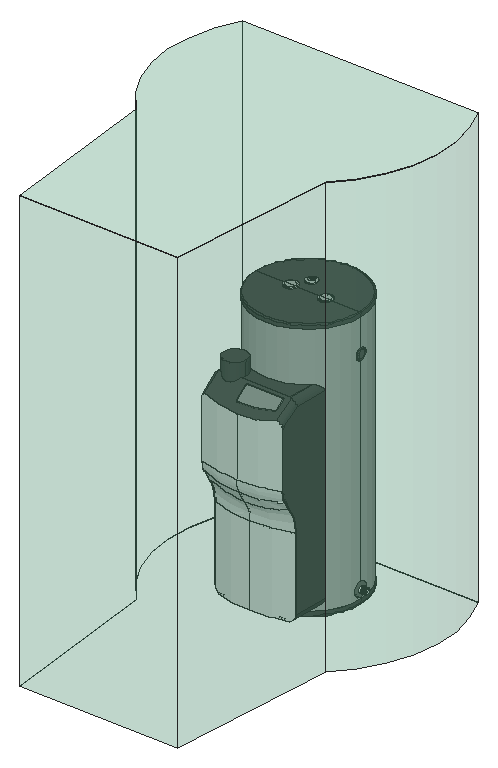
Revit family "Innovo FR_IR 20 200 FR NAT", category Mechanical Equipment, Revit 2015
Parameters (values of type "IR-20-200 FR NAT")
  largeur d'emballage = 786 mm  # constant formula
  l'Intervalle d'Entretien = "12 mois"  # constant formula
  Workspace Radius = Diameter + 170 mm  # 780 mm
  Workspace Height = Hauteur + 1000 mm  # 2545 mm
  Workspace Front Distance = 1000 mm
  Workspace [instance] = yes
  Valve Height 02 = if(and(Hauteur = 1745 mm, Diameter = 675 mm), 1518 mm, if(and(Hauteur = 1745 mm, Diameter = 610 mm), 1534 mm, if(Hauteur = 1545 mm, 1328 mm, 1070 mm)))  # 1328 mm
  Valve Height 01 = if(and(Diameter > 560 mm), 693 mm, 604 mm)  # 693 mm
  Valeur Maximale du Thermostat de Régulation = 85 °C  # constant formula
  Valeur Manimale du Thermostat de Régulation = 40 °C  # constant formula
  Valeur Défaut du Thermostat de Régulation = 65 °C  # constant formula
  URL = "www.aosmith.fr"
  Type d'Installation = "B23/C13/C33/C43/C53/C63"  # constant formula
  Type d'emballage = "Carton et bois"  # constant formula
  Tension d'Alimentation (-15%, +10%) = 230 V  # constant formula
  Température Maximale des Fumées = 65 °C
  Temps de réchauffement à ΔT = 70°C = "31"
  Temps de réchauffement à ΔT = 55°C = "24"
  Temps de réchauffement à ΔT = 50°C = "22"
  Temps de réchauffement à ΔT = 44°C = "20"
  Temps de réchauffement à ΔT = 28°C = "13"
  Spécifications du Produit = ""
  Réglages du thermostat du chauffe-eau = 65 °C  # constant formula
  Réglage Standard Pour = "G20/G25"
  Rendement Saisonnier (Hs) = [Rendement (Hs, acc. NEN-EN 89 - 1999)]  # 95
  Rendement (Hs, acc. NEN-EN 89 - 1999) = 95
  Rendement (Hi, acc. NEN-EN 89 - 1999) = 106
  Raccord Évacuation de la Condensation = 40 mm  # constant formula
  Raccord de la Soupape de Vidange = 1"
  Raccord de Sortie d'Eau Chaude = 1"
  Raccord de Gaz = 15"  # constant formula
  Raccord d'Alimentation en Eau Froide = 3/4"  # constant formula
  Raccord Robinet de Vidange = 3/4"  # constant formula
  Puissance Électrique Absorbée (sommet) = 105 W
  Puissance Électrique Absorbée (nominal) = 85 W
  Profondeur d'emballage = 946 mm  # constant formula
  Profondeur = 780 mm  # constant formula
  Profils de soutirage déclaré = "XXL"
  Production Nominale = "30700.0/29800.0"
  Pression de Fonctionnement Maximale = 800000.0 Pa  # constant formula
  Pression Différentielle d'Ouverture de l'Interrupteur de Pression < = 210.0 Pa
  Pression Amont de Gaz = "2000/2500 Pa"
  Precaustions during assembling, installation or maintenance = "voir Manuel d'installation, d'emploi er d'entretien"  # constant formula
  Poids à vide = 120 kg
  Poids de Transport = 136 kg
  Phase = 1
  Pertes en Veille - tous les jours (24h) = 0 W
  Pertes en Veille = 0 W
  Nombre de modèle du produit (EAN) = "8717449286279"
  Niveau du Son dB (A) = "<45"  # constant formula
  Niveau de puissance acoustique à l'intérieur = "58 dB"
  NOx-émissions mg/kWh = "37.0/27.0"
  NOx-émissions (ven air, 0% O2) ppm = "24.0/17.0"
  Modèdele = "IR-32-245"
  Model = "IR-32-325 FR NAT"
  Marque commerciale = "A.O. Smith"  # constant formula
  Manufacturer = "A.O. Smith Water Products Company b.v."  # constant formula
  Largeur = Diameter  # 610 mm
  La commande intelligente = no
  L'efficacité énergétique pour le chauffage de l'eau (2) = "-"
  L'efficacité énergétique pour le chauffage de l'eau (1) = "92%"
  Hauteur du Raccordement au Gaz = 920 mm
  Hauteur de la Sortie d'eau Chaude = 1545 mm
  Hauteur de l'Alimentation en eau Froide = 170 mm
  Hauteur d'emballage = 1695 mm
  Hauteur Conduit d'Évacuation des Fumées = 1345 mm
  Hauteur Conduit d'Alimentation en Air = 1345 mm
  Hauteur = 1545 mm
  Guide de Produit = ""
  Garantie sur la Cuve = "36 mois"  # constant formula
  Garantie Pièces = "12 mois"  # constant formula
  Fréquence secteur = 50 Hz  # constant formula
  Forctionner qu'en heures creuses = no
  Fabricant No. = "E 7110"  # constant formula
  Epaisseur d'Isolation = 44 mm
  Débit de vidage à ΔT = 70°C après 90 min. = 710.0 L
  Débit de vidage à ΔT = 70°C après 60 min. = 520.0 L
  Débit de vidage à ΔT = 70°C après 30 min. = 330.0 L
  Débit de vidage à ΔT = 70°C après 120 min. = 900.0 L
  Débit de vidage à ΔT = 55°C après 90 min. = 930.0 L
  Débit de vidage à ΔT = 55°C après 60 min. = 690.0 L
  Débit de vidage à ΔT = 55°C après 30 min. = 440.0 L
  Débit de vidage à ΔT = 55°C après 120 min. = 1200.0 L
  Débit de vidage à ΔT = 50°C après 90 min. = 1100.0 L
  Débit de vidage à ΔT = 50°C après 60 min. = 760.0 L
  Débit de vidage à ΔT = 50°C après 30 min. = 500.0 L
  Débit de vidage à ΔT = 50°C après 120 min. = 1300.0 L
  Débit de vidage à ΔT = 44°C après 90 min. = 1200.0 L
  Débit de vidage à ΔT = 44°C après 60 min. = 870.0 L
  Débit de vidage à ΔT = 44°C après 30 min. = 570.0 L
  Débit de vidage à ΔT = 44°C après 120 min. = 1500.0 L
  Débit de vidage à ΔT = 28°C après 90 min. = 1900.0 L
  Débit de vidage à ΔT = 28°C après 60 min. = 1400.0 L
  Débit de vidage à ΔT = 28°C après 30 min. = 930.0 L
  Débit de vidage à ΔT = 28°C après 120 min. = 2400.0 L
  Débit de vidage en Continu à ΔT = 70°C = 380.0 L/s
  Débit de vidage en Continu à ΔT = 55°C = 480.0 L/s
  Débit de vidage en Continu à ΔT = 50°C = 530.0 L/s
  Débit de vidage en Continu à ΔT = 44°C = 600.0 L/s
  Débit de vidage en Continu à ΔT = 28°C = 960.0 L/s
  Diamètre Cheminée - Système Parallèle = "2x80"  # constant formula
  Diamètre Cheminée - Système Concentrique = "80/125 mm/mm"  # constant formula
  Diamètre Cheminée - Boiler = "80/125 mm/mm"  # constant formula
  Diameter = 610 mm
  Destination / Country = "France"  # constant formula
  Description = "Préparateur ECS Solaire en Combinaison avec Réservoir de Stockage"  # constant formula
  D'autres profils de soutirage = "-"
  Created By = "http://www.cadcompany.nl/"
  Consommation de Gaz - Volume ltr/hr = "3.10/3.50"
  Consommation de Gaz - Masse kg/h = "a/p"
  Class d'efficacité énergétique (2) = "-"
  Class d'efficacité énergétique (1) = "A"  # constant formula
  Charge Nominale (Valeur Supérieure) = "32200.0/31200.0"
  Charge Nominale (Valeur Inférieure) = "29000.0/28100.0"
  Charge Maximale au Sol = 381 kg
  Catégorie de Gaz = "II2Esi3P"  # constant formula
  Capacité = 245.0 L
  CO2 Émissions (tol. +/- 1.0) vol% = "9.3/9.3"
  CE-PIN = "0063CQ3037"  # constant formula
  BIM Content Developer = "CAD & Company"  # constant formula
  Assembly Code = "D3010"
  Annual fuel consumption (2) = "-"
  Annual fuel consumption (1) = "21 GJ GCV"
  Annual electricity consumption (2) = "-"
  Annual electricity consumption (1) = "44 kWh"
  2ème Entretien (Entretien Général) = "12 mois après l'installation"  # constant formula
  1er Entretien (check-up) = "3 mois après l'installation"  # constant formula
Reference planes
  plane 1 "Center (Front/Back)": y = 0
  plane 2: z = 0
  plane 3 "Center (Left/Right)": x = 0
  plane 4 "Pipe": through (-383.901, 912.349, 194.799) normal (-0.0879, -0.0879, 0.9923)
  plane 5 "footing": y = 118.925
  plane 6 "footing front": y = -237.85
  plane 7: x = -305
  plane 8: x = 305
  plane 9: z = 1545
Forms (mm)
  Revolve 1, solid, material "RAL 9005", detail levels medium+fine
    sketch origin (0, -237.85, 0) x (-1, 0, 0) y (0, 0, 1)
      loop
        line (0, 28.9) -> (-15, 28.9) -> (-15, 26.4) -> (-8.671, 26.4) -> (-8.671, 18) -> (-5.686, 18) -> (-6.626, 17.06) -> (-6.626, 12.06) -> (-8.671, 12.06) -> (-8.671, 10) -> (-10.031, 10) -> (-23.271, 5.181)
        arc (-23.271, 5.181) -> (-23.763, 4.836) -> (-24.017, 4.293) r 1.159
        line (-24.017, 4.293) -> (-24.017, 1.03)
        arc (-24.017, 1.03) -> (-23.715, 0.302) -> (-22.986, 0) r 1.03
        line (-22.986, 0) -> (0, 0) -> (0, 28.9)
      axis (0, 28.9) -> (0, 0)
    angle from 0 to 360
  Revolve 2, solid, material "RAL 9005", detail levels medium+fine
    sketch origin (0, 118.925, 0) x (-1, 0, 0) y (0, 0, 1)
      loop
        line (-205.984, 28.9) -> (-220.984, 28.9) -> (-220.984, 26.4) -> (-214.655, 26.4) -> (-214.655, 18) -> (-211.67, 18) -> (-212.61, 17.06) -> (-212.61, 12.06) -> (-214.655, 12.06) -> (-214.655, 10) -> (-216.015, 10) -> (-229.256, 5.181)
        arc (-229.256, 5.181) -> (-229.747, 4.836) -> (-230.001, 4.293) r 1.159
        line (-230.001, 4.293) -> (-230.001, 1.03)
        arc (-230.001, 1.03) -> (-229.699, 0.302) -> (-228.971, 0) r 1.03
        line (-228.971, 0) -> (-205.984, 0) -> (-205.984, 28.9)
      axis (-205.984, 28.9) -> (-205.984, 0)
    angle from 0 to 360
  Revolve 3, solid, material "RAL 9005", detail levels medium+fine
    sketch origin (0, 118.925, 0) x (-1, 0, 0) y (0, 0, 1)
      loop
        line (204.016, 28.9) -> (189.016, 28.9) -> (189.016, 26.4) -> (195.345, 26.4) -> (195.345, 18) -> (198.33, 18) -> (197.39, 17.06) -> (197.39, 12.06) -> (195.345, 12.06) -> (195.345, 10) -> (193.985, 10) -> (180.744, 5.181)
        arc (180.744, 5.181) -> (180.253, 4.836) -> (179.999, 4.293) r 1.159
        line (179.999, 4.293) -> (179.999, 1.03)
        arc (179.999, 1.03) -> (180.301, 0.302) -> (181.029, 0) r 1.03
        line (181.029, 0) -> (204.016, 0) -> (204.016, 28.9)
      axis (204.016, 28.9) -> (204.016, 0)
    angle from 0 to 360
Lines and regions (mm)
  symbolic lines
    curve 1: line (0, 280.06, 0) -> (0, -280.06, 0)
    curve 2: line (-280.06, 0, 0) -> (280.06, 0, 0)
  symbolic lines, style "Workspace"
    curve 3: line (681.142, 380.06, 0) -> (-681.142, 380.06, 0)
    curve 4: arc (-681.142, 380.06, 0) -> (-777.325, -64.546, 0) -> (-609.127, -487.2, 0) r 780
    curve 5: line (-609.127, -487.2, 0) -> (-421.783, -1517.825, 0)
    curve 6: line (-421.783, -1517.825, 0) -> (424.03, -1517.825, 0)
    curve 7: line (424.03, -1517.825, 0) -> (611.027, -484.816, 0)
    curve 8: arc (611.027, -484.816, 0) -> (777.449, -63.027, 0) -> (681.142, 380.06, 0) r 780
Dimensions and locks
  plane 5 "footing" to plane 1 "Center (Front/Back)" = 118.925 mm
  plane 1 "Center (Front/Back)" to plane 6 "footing front" = 237.85 mm
  "Diameter": plane 7 to plane 8
  equal spacing: plane 7, plane 3 "Center (Left/Right)", plane 8
  "Hauteur": plane 9 to plane 2
  "Workspace Front Distance": curve 6 to nested 3
  "Workspace Radius": radius of curve 4
  "Workspace Radius": radius of curve 8
  aligned and locked: level to plane 2
  aligned and locked: nested 3 to Revolve 1 sketch curve
  aligned and locked: plane 3 "Center (Left/Right)" to Revolve 1 sketch curve
  aligned and locked: nested 3 to plane 1 "Center (Front/Back)"
  aligned and locked: plane 3 "Center (Left/Right)" to nested 3
  aligned and locked: nested 1 to plane 8
  aligned and locked: nested 5 to plane 8
  aligned and locked: nested 2 to plane 7
  aligned and locked: nested 4 to plane 7
  aligned and locked: nested 7 to plane 7
  aligned and locked: nested 8 to plane 3 "Center (Left/Right)"
  aligned and locked: nested 8 to nested 3
  aligned and locked: curve 3 to nested 8
Automatic sketch dimensions
  Revolve 1 sketch curve to level = 0 mm
  plane 3 "Center (Left/Right)" to Revolve 1 sketch curve = 5.686 mm
  Revolve 1 sketch curve to Revolve 1 sketch curve = 0.94 mm  (x2)
  Revolve 1 sketch curve to Revolve 1 sketch curve = 2.046 mm  (x2)
  Revolve 1 sketch curve to Revolve 1 sketch curve = 1.359 mm
  Revolve 1 sketch curve to Revolve 1 sketch curve = 6.329 mm
  level to Revolve 1 sketch curve = 4.091 mm
  Revolve 1 sketch curve to Revolve 1 sketch curve = 12.844 mm
  level to Revolve 1 sketch curve = 1.03 mm
  Revolve 1 sketch curve to Revolve 1 sketch curve = 0.111 mm
  level to Revolve 1 sketch curve = 5.181 mm
  Revolve 1 sketch curve to Revolve 1 sketch curve = 0.745 mm
  level to Revolve 1 sketch curve = 10 mm
  Revolve 1 sketch curve to Revolve 1 sketch curve = 2.06 mm
  Revolve 1 sketch curve to Revolve 1 sketch curve = 5 mm
  Revolve 1 sketch curve to Revolve 1 sketch curve = 8.4 mm
  Revolve 1 sketch curve to Revolve 1 sketch curve = 2.5 mm
  Revolve 1 sketch curve to level = 19.635 mm
  Revolve 1 sketch curve to Revolve 1 sketch curve = 46.465 mm
  Revolve 2 sketch curve to level = 0 mm
  level to Revolve 2 sketch curve = 1.03 mm
  Revolve 2 sketch curve to plane 8 = 74.999 mm
  level to Revolve 2 sketch curve = 5.181 mm
  Revolve 2 sketch curve to Revolve 2 sketch curve = 0.745 mm
  Revolve 2 sketch curve to Revolve 2 sketch curve = 0.397 mm
  Revolve 2 sketch curve to Revolve 2 sketch curve = 8.271 mm
  Revolve 2 sketch curve to Revolve 2 sketch curve = 13.241 mm
  Revolve 2 sketch curve to Revolve 2 sketch curve = 1.359 mm
  Revolve 2 sketch curve to Revolve 2 sketch curve = 6.329 mm
  Revolve 2 sketch curve to Revolve 2 sketch curve = 2.046 mm
  level to Revolve 2 sketch curve = 18 mm
  Revolve 2 sketch curve to Revolve 2 sketch curve = 0.94 mm  (x2)
  Revolve 2 sketch curve to Revolve 2 sketch curve = 8.671 mm
  Revolve 2 sketch curve to Revolve 2 sketch curve = 1.089 mm
  Revolve 2 sketch curve to Revolve 2 sketch curve = 8 mm
  Revolve 2 sketch curve to Revolve 2 sketch curve = 2.06 mm
  Revolve 2 sketch curve to Revolve 2 sketch curve = 8.4 mm
  Revolve 2 sketch curve to Revolve 2 sketch curve = 2.5 mm
  Revolve 2 sketch curve to Revolve 2 sketch curve = 0 mm
  Revolve 2 sketch curve to level = 19.635 mm
  Revolve 2 sketch curve to Revolve 2 sketch curve = 46.465 mm
  Revolve 3 sketch curve to level = 0 mm
  level to Revolve 3 sketch curve = 1.03 mm
  Revolve 3 sketch curve to plane 7 = 125.001 mm
  level to Revolve 3 sketch curve = 5.181 mm
  Revolve 3 sketch curve to Revolve 3 sketch curve = 0.745 mm
  Revolve 3 sketch curve to Revolve 3 sketch curve = 0.397 mm
  Revolve 3 sketch curve to Revolve 3 sketch curve = 8.271 mm
  Revolve 3 sketch curve to Revolve 3 sketch curve = 13.241 mm
  Revolve 3 sketch curve to Revolve 3 sketch curve = 1.359 mm
  Revolve 3 sketch curve to Revolve 3 sketch curve = 6.329 mm
  Revolve 3 sketch curve to Revolve 3 sketch curve = 2.046 mm
  level to Revolve 3 sketch curve = 18 mm
  Revolve 3 sketch curve to Revolve 3 sketch curve = 0.94 mm  (x2)
  Revolve 3 sketch curve to Revolve 3 sketch curve = 8.671 mm
  Revolve 3 sketch curve to Revolve 3 sketch curve = 1.089 mm
  Revolve 3 sketch curve to Revolve 3 sketch curve = 8 mm
  Revolve 3 sketch curve to Revolve 3 sketch curve = 2.06 mm
  Revolve 3 sketch curve to Revolve 3 sketch curve = 8.4 mm
  Revolve 3 sketch curve to Revolve 3 sketch curve = 2.5 mm
  Revolve 3 sketch curve to Revolve 3 sketch curve = 0 mm
  Revolve 3 sketch curve to level = 19.635 mm
  Revolve 3 sketch curve to Revolve 3 sketch curve = 46.465 mm
  curve 4 to curve 8 = 0 mm  (x2)
  plane 1 "Center (Front/Back)" to curve 2 = 0 mm
  curve 1 to plane 3 "Center (Left/Right)" = 0 mm
  plane 1 "Center (Front/Back)" to curve 4 = 0 mm
  curve 4 to plane 3 "Center (Left/Right)" = 0 mm
  curve 5 to plane 6 "footing front" = 249.35 mm
  plane 7 to curve 5 = 116.783 mm
  plane 8 to curve 7 = 119.03 mm
  curve 7 to plane 6 "footing front" = 246.966 mm
  curve 2 to plane 7 = 24.94 mm
  curve 2 to plane 8 = 24.94 mm
  curve 1 to plane 6 "footing front" = 42.21 mm
  plane 5 "footing" to curve 1 = 161.135 mm
Nested families
  nested 1: "Valve" at (305, -0.38, 1328) x (0, 1, 0) z (0, 0, 1), built-in parameter 1001364 <- "Valve Height 02", type "Valve"
  nested 2: "Drain Valve" at (-305, 0, 1328), built-in parameter 1001364 <- "Valve Height 02", type "Drain Valve"
  nested 3: "Housing Mother Housing S 57 (external)" at (0, -299.886, 0), type "Housing Mother_Housing S_57"
    with radius 305 mm, distance to boiler center 154 mm, diameter 610 mm
  nested 4: "Drain Valve" at (-305, 0, 177), type "Drain Valve"
  nested 5: "Drain Valve" at (305, 0, 107) x (-1, 0, 0) z (0, 0, 1), type "Drain Valve"
  nested 6: "Boiler" at (0, 0, 0), height <- "Hauteur", type "Boiler"
    with height 1545 mm, radius 305 mm, Diameter 610 mm
  nested 7: "Drain Valve" at (-305, 0, 693), built-in parameter 1001364 <- "Valve Height 01", type "Drain Valve"
  nested 8: "Innovo_workspace" at (0, 0, 0), Workspace Distance Front <- "Workspace Front Distance", Workspace <- "Workspace", Workspace Height <- "Workspace Height", Workspace Radius <- "Workspace Radius", type "Workspace"
    with Workspace Radius 780 mm, Workspace Height 2545 mm, Workspace Distance Front 1000 mm, Workspace yes, Center to Front 517.825 mm
Connectors
  piping at (339.826, 0, 107), diameter 19.05, driven by "Raccord Robinet de Vidange"
    settings: on nested 5, index 1, connector inside diameter 24", connector length 0 mm, flow factor 0, pipe flow 0.0 L/s, pressure drop 0.0 Pa, fitting loss kfactor 0, connector angle 0.00°, fixture units 0, engagement length 0 mm, angle of deflection 0.00°, flow configuration 0, flow direction 0, fitting loss method 0, system type 19, joint type 0, gender type 0, connector reference index -1, connector utility 0, adjustable connector no, is connector primary yes, connector description ""
  hvac at (-147.013, -346.326, 1310.674)
    settings: on nested 3, index 2, duct flow 0.0 L/s, flow factor 0, pres drop 0.0 Pa, loss coef 0, conn angle 0.00°, conn width 304.8 mm, conn height 304.8 mm, conn diameter 125 mm, duct sys type 4, conn prof type 0, flow config 0, flow direction 0, loss method 0, conn ref index -1, conn util no, is conn primary yes, conn desc ""
Definition of nested family "Valve"
  Parameters (values of type "Valve")
    Type Comments = "T&P valve (internal)"
    Manufacturer = "A.O. Smith"
  Reference planes
    plane 1 "Center (Front/Back)": y = 0
    plane 2: z = 0
    plane 3 "Center (Left/Right)": x = 0
  Forms (mm)
    Extrusion 1, solid, detail levels fine
      sketch origin (0, 0, 0) x (1, 0, 0) y (0, 0, 1)
        loop
          circle (0, 0) r 31.5
      from -2.271 to 1.4
    Sweep 2, solid, detail levels fine
      path origin (0, -1.4, 0) x (1, 0, 0) y (0, 0, 1)
        loop
          circle (0, 0) r 31.5
      profile origin (0, -1.4, 31.5) x (0, 0, -1) y (0, -1, 0)
        loop
          line (7.3, 0) -> (7.3, 3) -> (0, 0) -> (7.3, 0)
  Dimensions and locks
    aligned and locked: level to plane 2
Definition of nested family "Drain Valve"
  Reference planes
    plane 1 "Center (Front/Back)": y = 0
    plane 2: z = 0
    plane 3 "Center (Left/Right)": x = 0
  Forms (mm)
    Revolve 1, solid, detail levels medium+fine
      sketch origin (0, 0, 0) x (1, 0, 0) y (0, 0, 1)
        loop
          line (-33.442, 15.696) -> (-34.826, 14.329) -> (-34.93, 12.731) -> (-16.555, 12.731) -> (-16.555, 0) -> (15.787, 0) -> (15.787, 18.3) -> (-14.4, 18.3) -> (-17.148, 15.533) -> (-18.729, 16.697) -> (-20.091, 15.333) -> (-21.672, 16.496) -> (-23.034, 15.133) -> (-24.614, 16.296) -> (-25.976, 14.932) -> (-27.557, 16.096) -> (-28.919, 14.732) -> (-30.5, 15.896) -> (-31.862, 14.532) -> (-33.442, 15.696)
        axis (-34.93, 0) -> (15.787, 0)
      angle from 0 to 360
  Dimensions and locks
    aligned and locked: level to plane 2
  Nested families
    nested 1: "Rubber sealing" at (2.592, -0.155, 0) x (0.0023, -1, 0) z (0, 0, 1), type "Rubber sealing", detail levels fine
  Definition of nested family "Rubber sealing"
    Reference planes
      plane 1 "Center (Front/Back)": y = 0
      plane 2: z = 0
      plane 3 "Center (Left/Right)": x = 0
    Forms (mm)
      Extrusion 1, solid, detail levels fine
        sketch origin (141.861, 319.581, 0) x (1, 0, 0) y (0, 1, 0)
          loop
            line (-216.354, -311.898) -> (-216.354, -313.94)
            arc (-216.354, -313.94) -> (-141.602, -321.581) -> (-66.861, -313.835) r 366.966
            line (-66.861, -313.835) -> (-66.861, -311.791)
            arc (-66.861, -311.791) -> (-141.602, -319.581) -> (-216.354, -311.898) r 364.966
        from -80 to 80
      Extrusion 2, void
        sketch origin (141.861, 319.581, 0) x (1, 0, 0) y (0, 0, 1)
          loop
            circle (-141.861, 0) r 13
          loop
            circle (-141.861, 0) r 110
          loop
            circle (-141.861, 0) r 40
        from 311.563 to 332.684
      Extrusion 3, void
        sketch origin (141.861, 319.581, 0) x (1, 0, 0) y (0, 0, 1)
          loop
            circle (-141.861, 0) r 18.25
        from 315.524 to 326.084
    Cuts and joins
      Extrusion 2, Extrusion 3 cuts Extrusion 1
    Dimensions and locks
      aligned and locked: level to plane 2
Definition of nested family "Housing Mother Housing S 57 (external)"
  Parameters (values of type "Housing Mother_Housing S_57")
    radius [instance] = 280 mm
    distance to boiler center = if(diameter = 675 mm, 189 mm, if(diameter = 610 mm, 154 mm, 129 mm))  # 129 mm
    diameter = 560 mm
  Reference planes
    plane 1 "Center (Front/Back)": y = 0
    plane 2: z = 0
    plane 3 "Center (Left/Right)": x = 0
    plane 4 "left": through (-245.286, 145.886, 1200) normal (0.9994, 0.0349, 0)
    plane 5: y = -217.939
    plane 6: y = 145.886
    plane 7: z = 1232.6
    plane 8: z = 65.89
    plane 9 "right": through (245.286, 145.886, 1200) normal (0.9994, -0.0349, 0)
    plane 10 "display": through (0, -90.37, 1221.196) normal (0, -0.5736, 0.8192)
    plane 11 "Potentiostat": z = 867.899
    plane 12 "boiler center": y = 274.886
    plane 13: x = -280
    plane 14: x = 280
  Forms (mm)
    Extrusion 1, solid
      sketch origin (0, 0, 0) x (1, 0, 0) y (0, 1, 0)
        loop
          line (-245.286, 145.886) -> (-232.581, -217.939) -> (232.581, -217.939) -> (245.286, 145.886)
          arc (245.286, 145.886) -> (0, 0.923) -> (-245.286, 145.886) r 280
      from 0 to 1232.6
    Sweep 2, void
      path origin (0, 0, 0) x (0, 1, 0) y (0, 0, 1)
        loop
          line (-217.939, 1232.6) -> (-217.939, 795.555)
          arc (-217.939, 795.555) -> (-212.387, 754.285) -> (-197.694, 715.322) r 183.924
          arc (-197.694, 715.322) -> (-179.915, 684.628) -> (-159.106, 655.901) r 348.284
          arc (-159.106, 655.901) -> (-131.411, 600.328) -> (-121.88, 538.973) r 202.254
          line (-121.88, 538.973) -> (-121.88, 61.106)
      profile origin (0, -217.939, 1014.077) x (1, 0, 0) y (0, 1, 0)
        loop
          arc (0, 0) -> (-117.533, 9.941) -> (-231.728, 39.475) r 699.984
          arc (-231.728, 39.475) -> (-233.391, 40.705) -> (-234.07, 42.659) r 3.505
          line (-234.07, 42.659) -> (-254.062, 42.659) -> (-254.062, -142.593) -> (254.07, -142.593) -> (254.07, 42.659) -> (234.07, 42.659)
          arc (234.07, 42.659) -> (233.391, 40.705) -> (231.728, 39.475) r 3.505
          arc (231.728, 39.475) -> (117.533, 9.941) -> (0, 0) r 699.984
    Extrusion 3, void
      sketch origin (0, 0, 0) x (0, 1, 0) y (0, 0, 1)
        loop
          arc (102.864, 70.869) -> (99.804, 70.709) -> (96.874, 69.813) r 12.57
          arc (96.874, 69.813) -> (87.878, 66.533) -> (78.516, 64.529) r 69.114
          arc (78.516, 64.529) -> (76.41, 64.284) -> (74.294, 64.148) r 41.206
          arc (74.294, 64.148) -> (65.203, 64.335) -> (56.122, 64.782) r 318.661
          arc (56.122, 64.782) -> (30.585, 66.179) -> (5.028, 67.128) r 1456.581
          line (5.028, 67.128) -> (-84.534, 73.135)
          arc (-84.534, 73.135) -> (-86.363, 73.808) -> (-87.536, 75.365) r 3.455
          line (-87.536, 75.365) -> (-264.473, 75.365) -> (-264.473, 0) -> (160.886, 0) -> (160.886, 103.945) -> (145.886, 103.945)
          arc (145.886, 103.945) -> (145.104, 97.827) -> (142.923, 92.059) r 26.364
          arc (142.923, 92.059) -> (141.067, 88.936) -> (138.867, 86.045) r 31.715
          arc (138.867, 86.045) -> (135.576, 82.49) -> (132.021, 79.2) r 62.615
          arc (132.021, 79.2) -> (125.841, 74.697) -> (119.091, 71.103) r 54.444
          arc (119.091, 71.103) -> (116.371, 70.272) -> (113.531, 70.123) r 11.669
          line (113.531, 70.123) -> (102.864, 70.869)
      from -254.062 to 254.07
    Sweep 4, void
      path origin (0, 0, 0) x (1, 0, 0) y (0, 1, 0)
        loop
          line (-245.286, 145.886) -> (-232.581, -217.939)
      profile origin (-238.933, -36.027, 0) x (0.999391, 0.034899, 0) y (0, 0, 1)
        loop
          line (-4.454, 0) -> (47.084, 0) -> (47.084, 73.431)
          arc (47.084, 73.431) -> (14.222, 85.134) -> (0.255, 117.1) r 43.922
          line (0.255, 117.1) -> (-4.454, 117.1) -> (-4.454, 0)
    Sweep 5, void
      path origin (0, 0, 0) x (-1, 0, 0) y (0, 1, 0)
        loop
          line (-245.286, 145.886) -> (-232.581, -217.939)
      profile origin (238.933, -36.027, 0) x (0.999391, -0.034899, 0) y (0, 0, 1)
        loop
          line (4.454, 0) -> (4.454, 117.1) -> (-0.255, 117.1)
          arc (-0.255, 117.1) -> (-14.222, 85.134) -> (-47.084, 73.431) r 43.922
          line (-47.084, 73.431) -> (-47.084, 0) -> (4.454, 0)
    Sweep 6, void
      path origin (-239.899, -8.377, 0) x (-0.034899, 0.999391, 0) y (0, 0, 1)
        loop
          line (-209.69, 1141.272) -> (-79.18, 1232.6) -> (154.358, 1232.6)
      profile origin (-241.211, 29.188, 1232.6) x (0, 0, 1) y (0.999391, 0.034899, 0)
        loop
          line (-45, -30) -> (75, -30) -> (75, 0) -> (75, 55) -> (2.799, 55) -> (-1.253, 35.128)
          arc (-1.253, 35.128) -> (-16.771, 9.564) -> (-45, -0.308) r 44.287
          line (-45, -0.308) -> (-45, -30)
    Sweep 7, void
      path origin (239.899, -8.377, 0) x (0.034899, 0.999391, 0) y (0, 0, 1)
        loop
          line (-209.69, 1141.272) -> (-79.18, 1232.6) -> (154.358, 1232.6)
      profile origin (241.211, 29.188, 1232.6) x (0, 0, -1) y (-0.999391, 0.034899, 0)
        loop
          line (-75, -25) -> (45, -25) -> (45, -0.308)
          arc (45, -0.308) -> (16.771, 9.564) -> (1.253, 35.128) r 44.287
          line (1.253, 35.128) -> (-2.799, 55) -> (-75, 55) -> (-75, -25)
    Extrusion 8, void
      sketch origin (0, 0, 0) x (0, 1, 0) y (0, 0, 1)
        loop
          line (-270, 1336.099) -> (-270, 1099.081) -> (68.497, 1336.099) -> (-270, 1336.099)
      from -425.038 to 444.42
    Extrusion 9, solid, detail levels medium+fine
      sketch origin (0, 0, 0) x (1, 0, 0) y (0, 1, 0)
        loop
          circle (-147.013, -46.44) r 65
      from 1163.174 to 1310.674
    Extrusion 10, void
      sketch origin (0, -603.506, 861.895) x (0, 0.819152, 0.573576) y (-1, 0, 0)
        loop
          arc (618.322, -173) -> (623.272, -170.95) -> (625.322, -166) r 7
          line (625.322, -166) -> (625.322, 35)
          arc (625.322, 35) -> (623.272, 39.95) -> (618.322, 42) r 7
          line (618.322, 42) -> (535.473, 42)
          arc (535.473, 42) -> (530.688, 40.11) -> (528.488, 35.46) r 7
          arc (528.488, 35.46) -> (531.569, -67.592) -> (554.18, -168.18) r 540
          arc (554.18, -168.18) -> (556.724, -171.668) -> (560.831, -173) r 7
          line (560.831, -173) -> (618.322, -173)
      from 0 to 137.286
    Sweep 11, solid, detail levels fine
      path origin (0, 0, 867.899) x (-1, 0, 0) y (0, -1, 0)
        loop
          line (309.749, -35.617) -> (204.371, -35.617)
          arc (204.371, -35.617) -> (196.509, -34.687) -> (189.082, -31.947) r 33.677
          line (189.082, -31.947) -> (-9.574, 69.274)
      profile origin (-257.06, 35.617, 867.899) x (0, 1, 0) y (0, 0, 1)
        loop
          circle (0, 0) r 7.316
        loop
          circle (0, 0) r 6.465
    Revolve 12, void
      sketch origin (0, 274.886, 0) x (-1, 0, 0) y (0, 0, 1)
        loop
          line (280, 1243.838) -> (0, 1243.838) -> (0, 54.9) -> (280, 54.9) -> (280, 1243.838)
        axis (0, 1243.838) -> (0, 54.9)
      angle from 0 to 360
  Cuts and joins
    Sweep 2, Extrusion 3, Sweep 4, Sweep 5, Sweep 6, Sweep 7, Extrusion 8, Extrusion 10, Revolve 12 cuts Extrusion 1
  Dimensions and locks
    plane 8 to plane 2 = 65.89 mm
    plane 7 to plane 8 = 1166.71 mm
    "distance to boiler center": plane 12 "boiler center" to plane 6
    "diameter": plane 14 to plane 13
    equal spacing: plane 14, plane 3 "Center (Left/Right)", plane 13
    "radius": plane 3 "Center (Left/Right)" to plane 13
    aligned and locked: level to plane 2
    aligned and locked: Extrusion 1 to plane 7
    aligned and locked: Extrusion 1 sketch curve to plane 5
    aligned and locked: Sweep 2 to Extrusion 3
    aligned and locked: Extrusion 3 to Sweep 2  (x2)
    aligned and locked: plane 7 to Sweep 2 sketch curve
    aligned and locked: plane 3 "Center (Left/Right)" to Revolve 12 sketch curve
    aligned and locked: Revolve 12 sketch curve to plane 3 "Center (Left/Right)"
    aligned and locked: plane 13 to Revolve 12 sketch curve
  Automatic sketch dimensions
    Extrusion 1 sketch curve to plane 4 "left" = 0 mm  (x2)
    Extrusion 1 sketch curve to plane 6 = 0 mm  (x2)
    Extrusion 1 sketch curve to plane 3 "Center (Left/Right)" = 0 mm
    Extrusion 1 sketch curve to plane 9 "right" = 0 mm
    plane 6 to Extrusion 1 sketch curve = 135.037 mm
    Sweep 2 sketch curve to plane 5 = 0 mm
    plane 5 to Sweep 2 sketch curve = 106.195 mm
    Sweep 2 sketch curve to plane 5 = 96.059 mm
    plane 1 "Center (Front/Back)" to Sweep 2 sketch curve = 34.053 mm
    plane 11 "Potentiostat" to Sweep 2 sketch curve = 6.417 mm
    Sweep 2 sketch curve to plane 6 = 33.705 mm
    Sweep 2 sketch curve to plane 11 "Potentiostat" = 68.615 mm
    Sweep 2 sketch curve to plane 11 "Potentiostat" = 72.345 mm
    Sweep 2 sketch curve to Sweep 2 sketch curve = 176.349 mm
    Sweep 2 sketch curve to Sweep 2 sketch curve = 0 mm  (x2)
    plane 8 to Sweep 2 sketch curve = 4.784 mm
    Extrusion 3 sketch curve to level = 0 mm
    Extrusion 3 sketch curve to plane 6 = 0 mm
    Extrusion 3 sketch curve to plane 6 = 26.363 mm
    Extrusion 3 sketch curve to Extrusion 3 sketch curve = 4.75 mm
    Extrusion 3 sketch curve to Extrusion 3 sketch curve = 5.179 mm
    Extrusion 3 sketch curve to plane 8 = 4.232 mm
    Extrusion 3 sketch curve to Extrusion 3 sketch curve = 0.814 mm
    Extrusion 3 sketch curve to plane 8 = 4.978 mm
    Extrusion 3 sketch curve to Extrusion 3 sketch curve = 10.667 mm
    Extrusion 3 sketch curve to Extrusion 3 sketch curve = 0.877 mm
    Extrusion 3 sketch curve to Extrusion 3 sketch curve = 17.827 mm
    Extrusion 3 sketch curve to Extrusion 3 sketch curve = 5.646 mm
    Extrusion 3 sketch curve to plane 6 = 69.562 mm
    Extrusion 3 sketch curve to Extrusion 3 sketch curve = 18.6 mm
    Extrusion 3 sketch curve to Extrusion 3 sketch curve = 22.538 mm
    Extrusion 3 sketch curve to plane 8 = 1.238 mm
    Extrusion 3 sketch curve to plane 1 "Center (Front/Back)" = 5.028 mm
    plane 1 "Center (Front/Back)" to Extrusion 3 sketch curve = 36.224 mm
    Extrusion 3 sketch curve to plane 8 = 10.692 mm
    plane 1 "Center (Front/Back)" to Extrusion 3 sketch curve = 84.302 mm
    Extrusion 3 sketch curve to plane 8 = 7.244 mm
    Extrusion 3 sketch curve to Extrusion 3 sketch curve = 0.231 mm
    Extrusion 3 sketch curve to Extrusion 3 sketch curve = 3.234 mm
    plane 5 to Extrusion 3 sketch curve = 46.534 mm
    plane 6 to Extrusion 3 sketch curve = 15 mm
    Extrusion 3 sketch curve to level = 1388.869 mm
    plane 8 to Extrusion 3 sketch curve = 7.561 mm
    Extrusion 3 sketch curve to Extrusion 3 sketch curve = 11.64 mm
    Extrusion 3 sketch curve to plane 8 = 38.054 mm
    Extrusion 3 sketch curve to Extrusion 3 sketch curve = 22.442 mm
    Extrusion 3 sketch curve to plane 8 = 39.432 mm
    Extrusion 3 sketch curve to Extrusion 3 sketch curve = 2.466 mm
    Extrusion 3 sketch curve to Extrusion 3 sketch curve = 14.17 mm
    Extrusion 3 sketch curve to Extrusion 3 sketch curve = 5.925 mm
    Extrusion 3 sketch curve to Extrusion 3 sketch curve = 6.186 mm
    Extrusion 3 sketch curve to Extrusion 3 sketch curve = 249.85 mm
    Extrusion 3 sketch curve to Extrusion 3 sketch curve = 0 mm  (x4)
    Extrusion 3 sketch curve to Extrusion 3 sketch curve = 6.845 mm
    plane 8 to Extrusion 3 sketch curve = 1.743 mm
    Sweep 4 sketch curve to plane 4 "left" = 0 mm  (x2)
    Sweep 4 sketch curve to plane 6 = 0 mm
    plane 5 to Sweep 4 sketch curve = 0 mm
    Sweep 4 sketch curve to level = 0 mm
    profile plane to Sweep 4 sketch curve = 4.454 mm
    Sweep 4 sketch curve to profile plane = 0.255 mm
    Sweep 4 sketch curve to Sweep 4 sketch curve = 43.922 mm
    Sweep 4 sketch curve to profile plane = 47.084 mm
    level to Sweep 4 sketch curve = 73.431 mm
    Sweep 4 sketch curve to Sweep 4 sketch curve = 43.669 mm
    Sweep 5 sketch curve to plane 6 = 0 mm
    Sweep 5 sketch curve to plane 9 "right" = 0 mm  (x2)
    plane 5 to Sweep 5 sketch curve = 0 mm
    Sweep 5 sketch curve to level = 0 mm
    profile plane to Sweep 5 sketch curve = 47.084 mm
    Sweep 5 sketch curve to Sweep 5 sketch curve = 2.907 mm
    profile plane to Sweep 5 sketch curve = 0.255 mm
    Sweep 5 sketch curve to profile plane = 4.454 mm
    level to Sweep 5 sketch curve = 73.431 mm
    Sweep 5 sketch curve to Sweep 5 sketch curve = 43.669 mm
    Sweep 6 sketch curve to plane 7 = 0 mm
    plane 7 to Sweep 6 sketch curve = 91.328 mm
    Sweep 6 sketch curve to Sweep 6 sketch curve = 130.509 mm
    Sweep 6 sketch curve to Sweep 6 sketch curve = 233.538 mm
    Sweep 6 sketch curve to plane 4 "left" = 0 mm
    profile plane to Sweep 6 sketch curve = 45 mm
    Sweep 6 sketch curve to Sweep 6 sketch curve = 0.354 mm
    profile plane to Sweep 6 sketch curve = 1.253 mm
    Sweep 6 sketch curve to profile plane = 2.799 mm
    Sweep 6 sketch curve to Sweep 6 sketch curve = 72.201 mm
    Sweep 6 sketch curve to plane 4 "left" = 0.308 mm
    Sweep 6 sketch curve to Sweep 6 sketch curve = 29.692 mm
    plane 4 "left" to Sweep 6 sketch curve = 35.128 mm
    plane 4 "left" to Sweep 6 sketch curve = 55 mm
    Sweep 7 sketch curve to plane 7 = 0 mm
    Sweep 7 sketch curve to plane 7 = 91.328 mm
    Sweep 7 sketch curve to Sweep 7 sketch curve = 130.509 mm
    Sweep 7 sketch curve to Sweep 7 sketch curve = 233.538 mm
    Sweep 7 sketch curve to plane 9 "right" = 25 mm
    profile plane to Sweep 7 sketch curve = 75 mm
    profile plane to Sweep 7 sketch curve = 2.799 mm
    Sweep 7 sketch curve to profile plane = 1.253 mm
    Sweep 7 sketch curve to Sweep 7 sketch curve = 43.393 mm
    Sweep 7 sketch curve to profile plane = 45 mm
    Sweep 7 sketch curve to plane 9 "right" = 0.308 mm
    plane 9 "right" to Sweep 7 sketch curve = 35.128 mm
    Sweep 7 sketch curve to Sweep 7 sketch curve = 19.872 mm
    plane 5 to Extrusion 8 sketch curve = 52.061 mm
    Extrusion 8 sketch curve to plane 1 "Center (Front/Back)" = 68.497 mm
    plane 7 to Extrusion 8 sketch curve = 133.519 mm
    Extrusion 8 sketch curve to plane 7 = 103.499 mm
    plane 1 "Center (Front/Back)" to Extrusion 9 sketch curve = 46.44 mm
    Extrusion 9 sketch curve to plane 3 "Center (Left/Right)" = 147.013 mm
    Extrusion 10 sketch curve to plane 3 "Center (Left/Right)" = 0 mm
    Extrusion 10 sketch curve to plane 3 "Center (Left/Right)" = 35 mm
    Extrusion 10 sketch curve to Extrusion 10 sketch curve = 25.359 mm
    Extrusion 10 sketch curve to Extrusion 10 sketch curve = 57.491 mm
    Extrusion 10 sketch curve to plane 3 "Center (Left/Right)" = 42 mm
    Extrusion 10 sketch curve to Extrusion 10 sketch curve = 82.85 mm
    Extrusion 10 sketch curve to Extrusion 10 sketch curve = 7 mm
    Extrusion 10 sketch curve to Extrusion 10 sketch curve = 442 mm
    plane 3 "Center (Left/Right)" to Extrusion 10 sketch curve = 166 mm
    Extrusion 10 sketch curve to Extrusion 10 sketch curve = 0 mm  (x2)
    Sweep 11 sketch curve to plane 1 "Center (Front/Back)" = 31.947 mm
    Sweep 11 sketch curve to plane 3 "Center (Left/Right)" = 189.082 mm
    Sweep 11 sketch curve to plane 1 "Center (Front/Back)" = 1.94 mm
    Sweep 11 sketch curve to Sweep 11 sketch curve = 15.289 mm
    plane 3 "Center (Left/Right)" to Sweep 11 sketch curve = 9.574 mm
    Sweep 11 sketch curve to Sweep 11 sketch curve = 105.378 mm
    plane 1 "Center (Front/Back)" to Sweep 11 sketch curve = 69.274 mm
    Sweep 11 sketch curve to Sweep 11 sketch curve = 0 mm  (x2)
    Sweep 11 sketch curve to plane 11 "Potentiostat" = 0 mm
    Sweep 11 sketch curve to profile plane = 0 mm
    plane 8 to Revolve 12 sketch curve = 10.99 mm
    Revolve 12 sketch curve to plane 7 = 11.238 mm
    Revolve 12 sketch curve to level = 366.045 mm
    Revolve 12 sketch curve to Revolve 12 sketch curve = 971.917 mm
    Sweep 2 sketch curve to plane 3 "Center (Left/Right)" = 0 mm
    profile plane to Sweep 2 sketch curve = 0 mm
    Sweep 2 sketch curve to plane 3 "Center (Left/Right)" = 0.016 mm
    Sweep 2 sketch curve to profile plane = 42.782 mm  (x2)
    Sweep 2 sketch curve to plane 3 "Center (Left/Right)" = 230.568 mm
    plane 3 "Center (Left/Right)" to Sweep 2 sketch curve = 0.016 mm
    plane 3 "Center (Left/Right)" to Sweep 2 sketch curve = 230.568 mm
    Sweep 2 sketch curve to Sweep 2 sketch curve = 3.502 mm  (x2)
    Sweep 2 sketch curve to Sweep 2 sketch curve = 20 mm
    profile plane to Sweep 2 sketch curve = 142.593 mm
    Sweep 2 sketch curve to Sweep 2 sketch curve = 0.122 mm  (x2)
    Sweep 2 sketch curve to Sweep 2 sketch curve = 657.203 mm
    Sweep 2 sketch curve to Sweep 2 sketch curve = 19.991 mm
    radius of Extrusion 9 sketch curve = 65 mm
    radius of Sweep 11 sketch curve = 7.316 mm
    radius of Sweep 11 sketch curve = 6.465 mm
  Nested families
    nested 1: "display" at (65.5, -130.939, 1192.79) x (-1, 0, 0) z (0, -0.5736, 0.8192), type "display"
  Definition of nested family "display"
    Parameters (values of type "display")
      Default Elevation = 1219.2 mm
    Reference planes
      plane 1 "Center (Front/Back)": y = 0
      plane 2: z = 0
      plane 3 "Center (Left/Right)": x = 0
    Forms (mm)
      Extrusion 1, solid, detail levels medium+fine
        sketch origin (-16.958, 11.842, -343.878) x (1, 0, 0) y (0, 0, -1)
          loop
            line (-233.523, -343.878) -> (-233.523, -346.592) -> (332.686, -346.592) -> (332.686, -343.878) -> (-233.523, -343.878)
        from -228.7 to 150.822
      Extrusion 2, void
        sketch origin (-16.958, 6.842, -343.878) x (1, 0, 0) y (0, 1, 0)
          loop
            line (-233.523, 155.822) -> (-233.523, -223.7) -> (332.686, -223.7) -> (332.686, 155.822) -> (-233.523, 155.822)
          loop
            arc (-90.542, -48.267) -> (-88.492, -53.216) -> (-83.542, -55.267) r 7
            line (-83.542, -55.267) -> (117.458, -55.267)
            arc (117.458, -55.267) -> (122.408, -53.216) -> (124.458, -48.267) r 7
            line (124.458, -48.267) -> (124.458, 34.583)
            arc (124.458, 34.583) -> (122.568, 39.368) -> (117.918, 41.568) r 7
            arc (117.918, 41.568) -> (14.866, 38.487) -> (-85.722, 15.876) r 540
            arc (-85.722, 15.876) -> (-89.21, 13.332) -> (-90.542, 9.224) r 7
            line (-90.542, 9.224) -> (-90.542, -48.267)
        from 328.878 to 363.083
    Cuts and joins
      Extrusion 2 cuts Extrusion 1
    Dimensions and locks
      aligned and locked: level to plane 2
Definition of nested family "Boiler"
  Parameters (values of type "Boiler")
    radius [instance] = 280 mm
    height [instance] = 1270 mm
    Diameter = 560 mm
  Reference planes
    plane 1 "Center (Front/Back)": y = 0
    plane 2: z = 0
    plane 3 "Center (Left/Right)": x = 0
    plane 4: z = 1243.838
    plane 5: z = 1270
    plane 6 "bottom": z = 28.9
    plane 7: z = 54.9
    plane 8 "top controle": y = 88
    plane 9: x = -280
    plane 10: x = 280
  Forms (mm)
    Revolve 1, solid
      sketch origin (0, 0, 0) x (1, 0, 0) y (0, 0, 1)
        loop
          line (0, 54.9) -> (-280, 54.9) -> (-280, 32.9)
          arc (-280, 32.9) -> (-278.828, 30.072) -> (-276, 28.9) r 4
          line (-276, 28.9) -> (0, 28.9) -> (0, 54.9)
        axis (0, 28.9) -> (0, 54.9)
      angle from 0 to 360
    Revolve 2, solid
      sketch origin (1.311, 0, 0) x (1, 0, 0) y (0, 0, 1)
        loop
          line (-278.86, 1243.838) -> (-278.86, 54.9) -> (-1.311, 54.9) -> (-1.311, 1243.838) -> (-278.86, 1243.838)
        axis (-1.311, 1243.838) -> (-1.311, 54.9)
      angle from 0 to 360
    Revolve 3, solid
      sketch origin (-9.205, 0, 377.212) x (-1, 0, 0) y (0, 0, 1)
        loop
          line (-148.904, 892.788) -> (-110.805, 892.788) -> (-110.805, 895.963) -> (-141.883, 895.963) -> (-148.904, 893.62) -> (-148.904, 892.788)
        axis (-110.805, 892.788) -> (-110.805, 895.963)
      angle from 0 to 360
    Revolve 4, solid
      sketch origin (0, 0, 718.065) x (1, 0, 0) y (0, 0, -1)
        loop
          line (0, -525.773) -> (-280, -525.773) -> (-280, -547.935)
          arc (-280, -547.935) -> (-278.828, -550.763) -> (-276, -551.935) r 4
          line (-276, -551.935) -> (0, -551.935) -> (0, -525.773)
        axis (0, -551.935) -> (0, -525.773)
      angle from 0 to 360
    Revolve 5, solid
      sketch origin (0, 88, 0) x (1, 0, 0) y (0, 0, 1)
        loop
          line (-19.051, 1270) -> (-19.051, 1271.074) -> (-32.63, 1275.604) -> (-32.63, 1271.117) -> (-37.266, 1271.117) -> (-38.383, 1270) -> (-19.051, 1270)
        axis (-50.8, 1270) -> (-50.8, 1275.604)
      angle from 0 to 360
    Revolve 6, solid
      sketch origin (-217.12, 0, 372.245) x (-1, 0, 0) y (0, 0, 1)
        loop
          line (-153.622, 897.755) -> (-115.52, 897.755) -> (-115.52, 900.93) -> (-146.626, 900.93) -> (-153.622, 898.596) -> (-153.622, 897.755)
        axis (-115.52, 897.755) -> (-115.52, 900.93)
      angle from 0 to 360
  Dimensions and locks
    "height": plane 5 to plane 2
    plane 6 "bottom" to plane 2 = 28.9 mm
    locked: plane 5 to plane 4 at 26.162
    locked: plane 1 "Center (Front/Back)" to plane 8 "top controle" at 88
    "Diameter": plane 10 to plane 9
    equal spacing: plane 10, plane 3 "Center (Left/Right)", plane 9
    "radius": plane 3 "Center (Left/Right)" to plane 9
    locked: plane 9 to Revolve 2 sketch curve at 2.452
    aligned and locked: level to plane 2
    aligned and locked: Revolve 2 sketch curve to plane 7
    aligned and locked: Revolve 2 sketch curve to plane 4
    aligned and locked: Revolve 1 sketch curve to plane 7
    aligned and locked: plane 6 "bottom" to Revolve 1 sketch curve
    aligned and locked: Revolve 4 sketch curve to plane 3 "Center (Left/Right)"
    aligned and locked: plane 5 to Revolve 4 sketch curve
    aligned and locked: Revolve 4 sketch curve to plane 4
    aligned and locked: plane 9 to Revolve 4 sketch curve
    aligned and locked: Revolve 1 sketch curve to plane 9
    aligned and locked: Revolve 2 sketch curve to plane 3 "Center (Left/Right)"
    aligned and locked: plane 3 "Center (Left/Right)" to Revolve 2 sketch curve
  Automatic sketch dimensions
    Revolve 1 sketch curve to plane 3 "Center (Left/Right)" = 0 mm  (x2)
    Revolve 1 sketch curve to Revolve 1 sketch curve = 4 mm
    Revolve 1 sketch curve to level = 40 mm
    Revolve 1 sketch curve to Revolve 1 sketch curve = 305.1 mm
    Revolve 2 sketch curve to level = 366.045 mm
    Revolve 2 sketch curve to plane 5 = 945.755 mm
    Revolve 3 sketch curve to plane 5 = 0 mm
    Revolve 3 sketch curve to plane 3 "Center (Left/Right)" = 139.699 mm
    plane 5 to Revolve 3 sketch curve = 3.175 mm
    Revolve 3 sketch curve to Revolve 3 sketch curve = 7.022 mm
    Revolve 3 sketch curve to Revolve 3 sketch curve = 31.078 mm
    Revolve 3 sketch curve to Revolve 3 sketch curve = 0.832 mm
    Revolve 3 sketch curve to Revolve 3 sketch curve = 0 mm
    Revolve 3 sketch curve to Revolve 3 sketch curve = 2.338 mm
    Revolve 3 sketch curve to Revolve 3 sketch curve = 4.487 mm
    Revolve 4 sketch curve to plane 3 "Center (Left/Right)" = 0 mm
    Revolve 4 sketch curve to Revolve 4 sketch curve = 4 mm
    Revolve 4 sketch curve to Revolve 4 sketch curve = 68.738 mm
    Revolve 4 sketch curve to Revolve 4 sketch curve = 305.1 mm
    Revolve 6 sketch curve to plane 5 = 0 mm
    plane 3 "Center (Left/Right)" to Revolve 6 sketch curve = 63.497 mm
    plane 5 to Revolve 6 sketch curve = 3.175 mm
    Revolve 6 sketch curve to Revolve 6 sketch curve = 6.997 mm
    Revolve 6 sketch curve to Revolve 6 sketch curve = 31.106 mm
    Revolve 6 sketch curve to Revolve 6 sketch curve = 0.84 mm
    Revolve 6 sketch curve to Revolve 6 sketch curve = 0 mm
    Revolve 6 sketch curve to Revolve 6 sketch curve = 7.216 mm
    Revolve 6 sketch curve to Revolve 6 sketch curve = 0.391 mm
    Revolve 5 sketch curve to Revolve 5 sketch curve = 13.578 mm
    Revolve 5 sketch curve to Revolve 5 sketch curve = 1.074 mm
    Revolve 5 sketch curve to Revolve 5 sketch curve = 12.417 mm
    Revolve 5 sketch curve to Revolve 5 sketch curve = 5.753 mm
    Revolve 5 sketch curve to plane 5 = 1.117 mm
    Revolve 5 sketch curve to Revolve 5 sketch curve = 1.117 mm
    plane 5 to Revolve 5 sketch curve = 4.396 mm
    Revolve 5 sketch curve to plane 5 = 0 mm
    Revolve 5 sketch curve to Revolve 5 sketch curve = 4.487 mm
    Revolve 5 sketch curve to plane 3 "Center (Left/Right)" = 38.383 mm
    Revolve 5 sketch curve to plane 5 = 5.604 mm
Definition of nested family "Innovo_workspace"
  Parameters (values of type "Workspace")
    Workspace Radius [instance] = 730 mm
    Workspace Height [instance] = 2270 mm
    Workspace Distance Front [instance] = 1000 mm
    Workspace [instance] = yes
    URL = "www.aosmith.nl"
    Model = ""
    Manufacturer = "A.O. Smith Water Products Company b.v."  # constant formula
    Description = ""
    Created By = ""
    Center to Front [instance] = 492.825 mm
    BIM Content Developer = "CAD & Company"  # constant formula
    Assembly Code = ""
  Reference planes
    plane 1 "Center (Front/Back)": y = 0
    plane 2: z = 0
    plane 3 "Center (Left/Right)": x = 0
    plane 4 "Pipe": through (-383.901, 912.349, 194.799) normal (-0.0879, -0.0879, 0.9923)
    plane 5 "front": y = -492.825
  Forms (mm)
    Extrusion 1, solid, visible <- "Workspace"
      sketch origin (0, 0, 0) x (1, 0, 0) y (0, 1, 0)
        loop
          line (456.53, -1492.825) -> (500.201, -531.695)
          arc (500.201, -531.695) -> (723.44, -97.643) -> (623.261, 380.06) r 730
          line (623.261, 380.06) -> (-623.261, 380.06)
          arc (-623.261, 380.06) -> (-723.227, -99.209) -> (-497.893, -533.856) r 730
          line (-497.893, -533.856) -> (-454.283, -1492.825) -> (456.53, -1492.825)
      from 0 to 2270 <- "Workspace Height"
  Lines and regions (mm)
    symbolic lines
      curve 1: line (0, 280.06, 0) -> (0, -280.06, 0)
      curve 2: line (-255.06, 0, 0) -> (255.06, 0, 0)
  Dimensions and locks
    locked: Extrusion 1 sketch curve to curve 1 at 100
    "Workspace Distance Front": plane 5 "front" to Extrusion 1
    "Center to Front": plane 1 "Center (Front/Back)" to plane 5 "front"
    "Workspace Radius": radius of Extrusion 1 sketch curve  (x2)
    aligned and locked: level to plane 2
  Automatic sketch dimensions
    plane 1 "Center (Front/Back)" to curve 2 = 0 mm
    curve 1 to plane 3 "Center (Left/Right)" = 0 mm
    plane 3 "Center (Left/Right)" to curve 2 = 255.06 mm
    curve 1 to plane 1 "Center (Front/Back)" = 280.06 mm
    curve 2 to plane 3 "Center (Left/Right)" = 255.06 mm
    plane 5 "front" to curve 1 = 212.765 mm
    Extrusion 1 sketch curve to Extrusion 1 sketch curve = 0 mm  (x2)
    plane 1 "Center (Front/Back)" to Extrusion 1 sketch curve = 0 mm
    Extrusion 1 sketch curve to plane 3 "Center (Left/Right)" = 0 mm
    Extrusion 1 sketch curve to plane 5 "front" = 41.031 mm
    Extrusion 1 sketch curve to plane 3 "Center (Left/Right)" = 454.283 mm
    plane 3 "Center (Left/Right)" to Extrusion 1 sketch curve = 456.53 mm
    Extrusion 1 sketch curve to plane 5 "front" = 38.869 mm
    Extrusion 1 sketch curve to Extrusion 1 sketch curve = 961.131 mm
